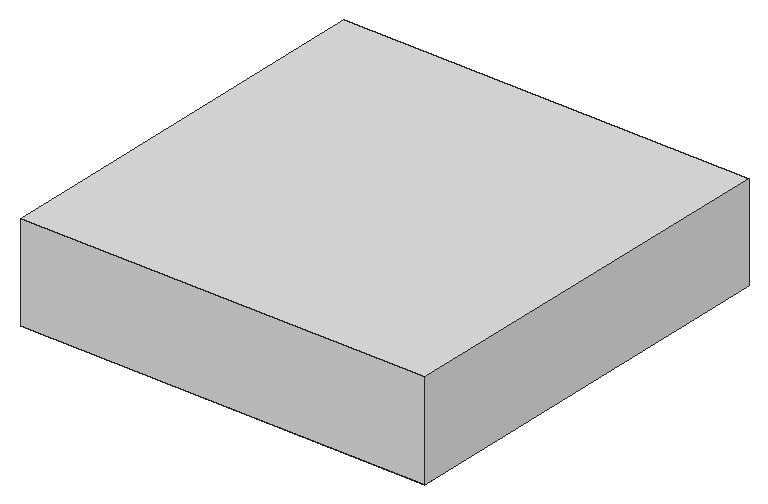
Revit family "OvaLED NM ST LED 230V 1t (takmontasje)", category Lighting Fixtures, Revit 2013
Parameters (values of type "Type 1")
  Wattage = 9.2903 W
  built-in parameter 1150110 = 1 (stored number, unit not read)
  built-in parameter 1114217 = 1 (stored number, unit not read)
  Tilt Angle = 90.00°
  built-in parameter 1150109 = 1 (stored number, unit not read)
  built-in parameter 1150134 = 3
  built-in parameter 1150113 = 1 (stored number, unit not read)
  Photometric Web File = "2x4 3Lamp.ies"
  Number of Poles = 1
  Symbol Positive Direction [instance] = yes
  built-in parameter 1150105 = 109.82 (stored number, unit not read)
  Lumens = 1380 lm
  built-in parameter 1150115 = 1 (stored number, unit not read)
  built-in parameter 1150137 = (empty or 0)
  built-in parameter 1150139 = (empty or 0)
  built-in parameter 1150112 = 1 (stored number, unit not read)
  built-in parameter 1150114 = 1 (stored number, unit not read)
  built-in parameter 1150132 = (empty or 0)
  built-in parameter 1150102 = (empty or 0)
  built-in parameter 1150107 = 3200 (stored number, unit not read)
  built-in parameter 1150138 = (empty or 0)
  built-in parameter 1150106 = 1.0982 (stored number, unit not read)
  Height 1 = 45 mm
  Height = 55 mm
  Voltage = 230 V
  Symbol Offset Side [instance] = 0 mm
  Symbol Offset Out [instance] = 0 mm
  Material = Plastic - White
  Loads [instance] = 0 VA
  Length B = 160 mm
  Length A = 160 mm
  Glass Material = Plastic - Glass
  Emit from Rectangle Width = Length B  # 160 mm
  Emit from Rectangle Length = Length A  # 160 mm
  Emit Shape Visible in Rendering = no
  built-in parameter 1150104 = 13.8 (stored number, unit not read)
  Dimming Lamp Color Temperature Shift = <None>
  Color Filter = 16777215
  built-in parameter 1114218 = 1 (stored number, unit not read)
  built-in parameter 1150133 = 10 (stored number, unit not read)
Reference planes
  plane 1 "Light Source Axis (F/B)": y = 0
  plane 2: z = 0
  plane 3 "Light Source Axis (L/R)": x = 0
  plane 4 "Light Source Elevation": z = 0
  plane 5: z = -55
  plane 6: z = -45
  plane 7: z = -38
  plane 8: y = 80
  plane 9: x = 80
  plane 10: y = -80
  plane 11: x = -80
  plane 12: y = 17
  plane 13: x = 17
  plane 14: y = -17
  plane 15: x = -17
Forms (mm)
  Extrusion 1, solid, material "Plastic - White" <- "Material"
    sketch origin (0, 0, 0) x (1, 0, 0) y (0, 1, 0)
      loop
        line (-80, 80) -> (-80, -80) -> (80, -80) -> (80, 80) -> (-80, 80)
    from 0 to -38
  Blend 2, solid, material "Plastic - White" <- "Material"
    base sketch origin (0, 0, 0) x (1, 0, 0) y (0, 1, 0)
      loop
        line (-80, 80) -> (-80, -80) -> (80, -80) -> (80, 80) -> (-80, 80)
    top sketch origin (0, 0, 0) x (1, 0, 0) y (0, 1, 0)
      loop
        line (-17, 17) -> (-17, -17) -> (17, -17) -> (17, 17) -> (-17, 17)
    from -38 to -45
  Revolve 3, solid, material "Plastic - Glass" <- "Glass Material"
    sketch origin (0, 0, 0) x (0, 1, 0) y (0, 0, 1)
      loop
        line (12.5, -55) -> (12.5, -45) -> (-12.5, -45) -> (-12.5, -55) -> (-6.5, -51)
        arc (-6.5, -51) -> (-4.282, -53.9) -> (-0.8, -55) r 6.061
        line (-0.8, -55) -> (0.8, -55)
        arc (0.8, -55) -> (4.282, -53.9) -> (6.5, -51) r 6.061
        line (6.5, -51) -> (12.5, -55)
      axis (12.5, -45) -> (-12.5, -45)
    angle from -90 to 90
Lines and regions (mm)
  model lines, style "InvisibleLines"
    curve 1: line (0, 0, 0) -> (0, 0, -45)
Dimensions and locks
  plane 4 "Light Source Elevation" to plane 2 = 0 mm
  "Height": plane 4 "Light Source Elevation" to plane 5
  locked: plane 7 to plane 6 at 7
  equal spacing: plane 11, plane 3 "Light Source Axis (L/R)", plane 9
  equal spacing: plane 8, plane 1 "Light Source Axis (F/B)", plane 10
  "Length A": plane 11 to plane 9
  "Length B": plane 8 to plane 10
  plane 12 to plane 1 "Light Source Axis (F/B)" to plane 14 = 17 mm locked, 17 mm locked
  plane 15 to plane 3 "Light Source Axis (L/R)" to plane 13 = 17 mm locked, 17 mm locked
  "Height 1": plane 4 "Light Source Elevation" to plane 6
  aligned and locked: plane 2 to level
  aligned and locked: plane 1 "Light Source Axis (F/B)" to nested 1
  aligned and locked: plane 3 "Light Source Axis (L/R)" to nested 1
  aligned and locked: Extrusion 1 sketch curve to plane 8
  aligned and locked: plane 11 to Extrusion 1 sketch curve
  aligned and locked: plane 10 to Extrusion 1 sketch curve
  aligned and locked: Extrusion 1 sketch curve to plane 9
  aligned and locked: Extrusion 1 to plane 7
  aligned and locked: Extrusion 1 to plane 4 "Light Source Elevation"
  aligned and locked: Blend 2 sketch curve to plane 8
  aligned and locked: plane 11 to Blend 2 sketch curve
  aligned and locked: plane 10 to Blend 2 sketch curve
  aligned and locked: Blend 2 sketch curve to plane 9
  aligned and locked: Blend 2 sketch curve to plane 12
  aligned and locked: plane 15 to Blend 2 sketch curve
  aligned and locked: Blend 2 sketch curve to plane 14
  aligned and locked: Blend 2 sketch curve to plane 13
  aligned and locked: imposter light to plane 3 "Light Source Axis (L/R)"
  aligned and locked: imposter light to plane 5
  aligned and locked: imposter light to plane 1 "Light Source Axis (F/B)"
  aligned and locked: Blend 2 to plane 6
  aligned and locked: plane 7 to Blend 2
  aligned and locked: Revolve 3 sketch curve to plane 6  (x2)
  aligned and locked: plane 5 to Revolve 3 sketch curve  (x3)
Automatic sketch dimensions
  curve 1 to level = 0 mm
  curve 1 to plane 6 = 0 mm
  curve 1 to plane 3 "Light Source Axis (L/R)" = 0 mm
  Revolve 3 sketch curve to plane 12 = 4.5 mm
  Revolve 3 sketch curve to plane 1 "Light Source Axis (F/B)" = 6.5 mm
  plane 5 to Revolve 3 sketch curve = 4 mm  (x2)
  Revolve 3 sketch curve to plane 1 "Light Source Axis (F/B)" = 0.8 mm
  plane 1 "Light Source Axis (F/B)" to Revolve 3 sketch curve = 0.8 mm
  Revolve 3 sketch curve to Revolve 3 sketch curve = 5.7 mm
  Revolve 3 sketch curve to plane 14 = 4.5 mm
  Revolve 3 sketch curve to plane 10 = 1644.969 mm
  plane 8 to Revolve 3 sketch curve = 1036.284 mm
Nested families
  nested 1: "LedelysS" at (0, 0, 0), type "Type 1"
Connectors
  electrical at (0, 0, 0), driven by "Voltage", driven by "Loads", driven by "Number of Poles", driven by "Loads"
    settings: on plane 4 "Light Source Elevation", index 1, voltage 230 V, apparent load 0 VA, apparent load phase1 0 VA, apparent load phase2 0 VA, apparent load phase3 0 VA, power factor 1, load classification "Lighting", number of poles 1, system type 30, power factor state 1, is connector primary yes, connector utility no, sub classification motor no, connector description ""
Definition of nested family "LedelysS"
  Parameters (values of type "Type 1")
    CQ Symbol Positive Direction = yes
    CQ Symbol Negative Direction = not(CQ Symbol Positive Direction)  # no
    CQ Symbol Offset Side = 0 mm
    CQ Symbol Offset Out = 0 mm
  Reference planes
    plane 1: y = 0
    plane 2: x = 0
  Dimensions and locks
    "CQ Symbol Offset Out": plane 1 to nested 1
    "CQ Symbol Offset Out": plane 1 to nested 2
    "CQ Symbol Offset Side": plane 2 to nested 2
    "CQ Symbol Offset Side": nested 1 to plane 2
  Nested families
    nested 1: "LedelysSub" at (0, 0, 0), visible <- "CQ Symbol Negative Direction", type "Type 1"
    nested 2: "LedelysSub" at (0, 0, 0), visible <- "CQ Symbol Positive Direction", type "Type 1"
  Definition of nested family "LedelysSub"
    Reference planes
      plane 1: y = 0
      plane 2: x = 0
    Lines and regions (mm)
      detail lines
        curve 1: line (-4, -2, 0) -> (4, -2, 0)
        curve 2: line (4, -2, 0) -> (4, 2, 0)
        curve 3: line (4, 2, 0) -> (-4, 2, 0)
        curve 4: line (-4, 2, 0) -> (-4, -2, 0)
        curve 5: line (-3.097, -1.25, 0) -> (-0.597, 1.25, 0)
        curve 6: line (-3.097, 1.25, 0) -> (-0.597, -1.25, 0)
        curve 7: circle (-1.847, 0, 0) r 1.2 normal (0, 0, 1)
    Text (mm)
      text "LL" at (2.179, 1.025, 0)
